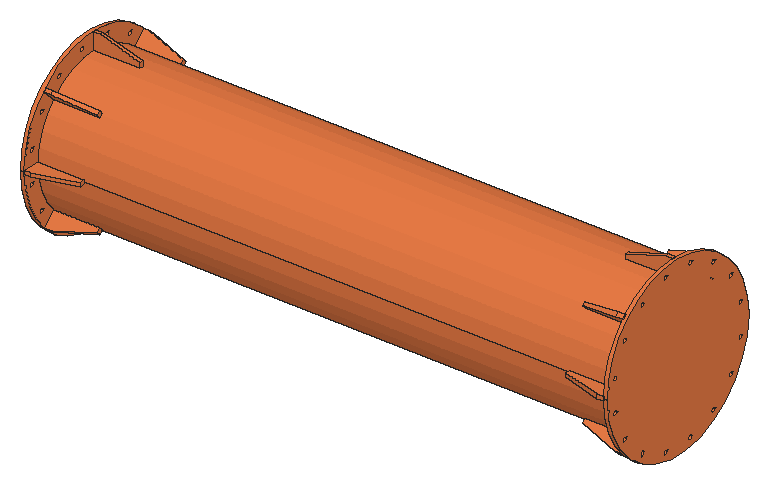
Revit family "族1测试", category 结构框架, Revit 2016
Family settings
  横断面形状 = 未定义
  用于模型行为的材质 = 其他
  始终导出为几何图形 = 否
  OmniClass 编号 = 23.25.30.11.14.14
  OmniClass 标题 = Beams
  总是垂直 = 是
  加载时剪切的空心 = 否
  符号表示法 = 从族
  共享 = 否
  在平面视图中显示族的预剪切 = 是
Parameters
  Length [instance] = 3000 mm
  结构材质 = 钢，油漆面层，橙色，粗面
  法兰盘直径 = D + 140 mm  # 749 mm
  加劲肋位置 = D / 2  # 304.5 mm
  t1 = 16 mm
  t = 16 mm
  d = D - 2 * t  # 577 mm
  D = 609 mm
Reference planes
  plane 1 "中心(前/后)": y = 0
  plane 2 "中心标高": z = 0
  plane 3 "中心(左/右)": x = 0
  plane 4 "左": x = -1500
  plane 5 "杆件左": x = -1250
  plane 6 "单线示意符号左": x = -1000
  plane 7 "右": x = 1500
  plane 8 "杆件右": x = 1250
  plane 9 "棍状符号右": x = 1000
  plane 10: x = 1580
  plane 11: x = -1234
  plane 12: x = 1234
Forms (mm)
  Extrusion 1, solid, material "钢，油漆面层，橙色，粗面" <- "结构材质", detail levels medium+fine
    sketch origin (0, 0, 0) x (0, 1, 0) y (0, 0, 1)
      loop
        circle (0, 0) r 304.5
      loop
        circle (0, 0) r 288.5
    from -1234 to 1234
Lines and regions (mm)
  model lines, style "单线示意符号", detail levels coarse
    curve 1: line (-1000, 0, 0) -> (1000, 0, 0)
Dimensions and locks
  equal spacing: plane 4 "左", plane 3 "中心(左/右)", plane 7 "右"
  "Length": plane 4 "左" to plane 7 "右"
  "t1": plane 5 "杆件左" to plane 11
  "t1": plane 12 to plane 8 "杆件右"
  "D": diameter of Extrusion 1 sketch curve
  "d": diameter of Extrusion 1 sketch curve
  aligned and locked: plane 1 "中心(前/后)" to curve 1
  aligned and locked: plane 6 "单线示意符号左" to curve 1
  aligned and locked: plane 9 "棍状符号右" to curve 1
  aligned and locked: level to plane 2 "中心标高"
  aligned and locked: plane 11 to Extrusion 1
  aligned and locked: plane 12 to Extrusion 1
  aligned and locked: nested 1 to plane 5 "杆件左"
  aligned and locked: plane 8 "杆件右" to nested 2
Automatic sketch dimensions
  Extrusion 1 sketch curve to Extrusion 1 sketch curve = 0 mm  (x2)
  Extrusion 1 sketch curve to level = 0 mm
  Extrusion 1 sketch curve to plane 1 "中心(前/后)" = 0 mm
Nested families
  nested 1: "法兰盘" at (-1250, 0, 0), type "法兰盘"
  nested 2: "法兰盘" at (1250, 0, 0) x (-1, 0, 0) z (0, 0, 1), type "法兰盘"
Definition of nested family "法兰盘"
  Parameters (values of type "活络头")
    法兰厚 = 16 mm
    钢支撑 = none
  Reference planes
    plane 1 "中心(前/后)": y = 0
    plane 2: y = 0
    plane 3 "中心(左/右)": x = 0
  Forms (mm)
    Extrusion 1, solid, material <- "钢支撑"
      sketch origin (0, -1612.241, 1200) x (0, -1, 0) y (0, 0, -1)
        loop
          circle (-1612.241, 1200) r 375
        loop
          circle (-1545.959, 866.778) r 11
        loop
          circle (-1423.486, 917.508) r 11
        loop
          circle (-1329.749, 1011.245) r 11
        loop
          circle (-1279.019, 1133.718) r 11
        loop
          circle (-1279.019, 1266.282) r 11
        loop
          circle (-1329.749, 1388.755) r 11
        loop
          circle (-1423.486, 1482.492) r 11
        loop
          circle (-1545.959, 1533.222) r 11
        loop
          circle (-1678.523, 1533.222) r 11
        loop
          circle (-1800.996, 1482.492) r 11
        loop
          circle (-1894.732, 1388.755) r 11
        loop
          circle (-1945.462, 1266.282) r 11
        loop
          circle (-1945.462, 1133.718) r 11
        loop
          circle (-1894.732, 1011.245) r 11
        loop
          circle (-1800.996, 917.508) r 11
        loop
          circle (-1678.523, 866.778) r 11
      from 0 to 16
    Extrusion 2, solid, material <- "钢支撑"
      sketch origin (1338.951, 0, 0) x (1, 0, 0) y (0, 0, -1)
        loop
          line (-1322.951, -304.5) -> (-1322.951, -374.5) -> (-1292.951, -374.5) -> (-1122.951, -324.5) -> (-1122.951, -304.5) -> (-1322.951, -304.5)
      from 8 to -8
    Extrusion 3, solid, material <- "钢支撑"
      sketch origin (1338.951, 0, 0) x (1, 0, 0) y (0, 0.707107, -0.707107)
        loop
          line (-1322.951, -304.5) -> (-1322.951, -374.5) -> (-1292.951, -374.5) -> (-1122.951, -324.5) -> (-1122.951, -304.5) -> (-1322.951, -304.5)
      from 8 to -8
    Extrusion 4, solid, material <- "钢支撑"
      sketch origin (1338.951, 0, 0) x (1, 0, 0) y (0, 1, 0)
        loop
          line (-1322.951, -304.5) -> (-1322.951, -374.5) -> (-1292.951, -374.5) -> (-1122.951, -324.5) -> (-1122.951, -304.5) -> (-1322.951, -304.5)
      from 8 to -8
    Extrusion 5, solid, material <- "钢支撑"
      sketch origin (1400, 0, 0) x (1, 0, 0) y (0, 0.707107, 0.707107)
        loop
          line (-1384, -304.5) -> (-1384, -374.5) -> (-1354, -374.5) -> (-1184, -324.5) -> (-1184, -304.5) -> (-1384, -304.5)
      from 8 to -8
    Extrusion 6, solid, material <- "钢支撑"
      sketch origin (1400, 0, 0) x (1, 0, 0) y (0, 0, 1)
        loop
          line (-1384, -304.5) -> (-1384, -374.5) -> (-1354, -374.5) -> (-1184, -324.5) -> (-1184, -304.5) -> (-1384, -304.5)
      from 8 to -8
    Extrusion 7, solid, material <- "钢支撑"
      sketch origin (1400, 0, 0) x (1, 0, 0) y (0, -0.707107, 0.707107)
        loop
          line (-1384, -304.5) -> (-1384, -374.5) -> (-1354, -374.5) -> (-1184, -324.5) -> (-1184, -304.5) -> (-1384, -304.5)
      from 8 to -8
    Extrusion 8, solid, material <- "钢支撑"
      sketch origin (1338.951, 0, 0) x (0, -1, 0) y (1, 0, 0)
        loop
          line (-304.5, -1322.951) -> (-304.5, -1122.951) -> (-324.5, -1122.951) -> (-374.5, -1292.951) -> (-374.5, -1322.951) -> (-304.5, -1322.951)
      from 8 to -8
    Extrusion 9, solid, material <- "钢支撑"
      sketch origin (1338.951, 0, 0) x (1, 0, 0) y (0, -0.707107, -0.707107)
        loop
          line (-1322.951, -304.5) -> (-1322.951, -374.5) -> (-1292.951, -374.5) -> (-1122.951, -324.5) -> (-1122.951, -304.5) -> (-1322.951, -304.5)
      from 8 to -8
